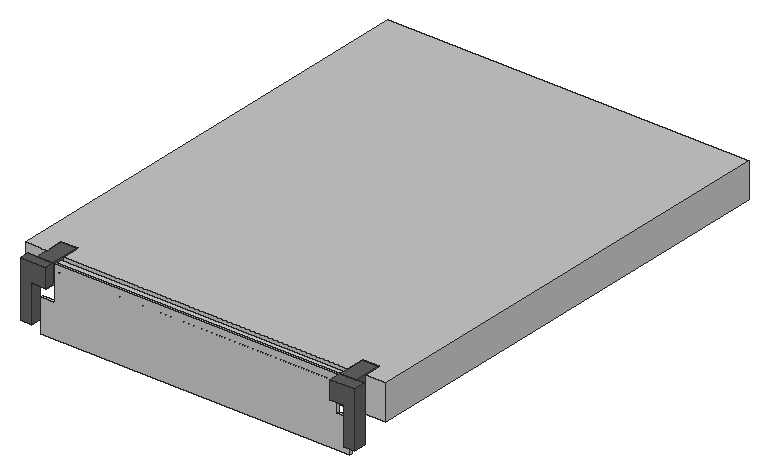
Revit family "Levelers_Kelley_Versadock", category Generic Models, host Floor, Revit 2026
Family settings
  Host = Floor
  Can host rebar = No
  Round Connector Dimension = Use Diameter
  Part Type = Normal
  Always vertical = Yes
  Cut with Voids When Loaded = No
  Maintain Annotation Orientation = No
  Shared = No
  Room Calculation Point = No
Parameters (values of type "129")
  Type Comments = ""
  PitLength = 11' - 3"
  PitDepthR = 2' - 7"
  PitDepthF = PitDepthR + 0' 1"  # 2' - 8"
  Model = "Versa Dock"
  Manufacturer = "Entrematic"
  LipExtension = 0' - 0"
  Description = "9' Wide, Integraterd Bumper Hydraulic Leveler"
  Default Elevation = 0' - 0"
  Curb = 0' - 3"
  Capacity = "50/60/80k"
Types (7): name | PitLength | PitDepthR | PitDepthF | LipExtension
  (no name) | 11' - 3" | 2' - 7" | 2' - 8" | 0' - 0"
  89 | 7' - 3" | 2' - 1" | 2' - 2" | 0' - 0"
  109 | 9' - 3" | 2' - 4" | 2' - 5" | 0' - 0"
  129 | 11' - 3" | 2' - 7" | 2' - 8" | 0' - 0"
  129 Barrier Lip | 11' - 3" | 2' - 7" | 2' - 8" | 0' - 5"
  89 Barrier Lip | 7' - 3" | 2' - 1" | 2' - 2" | 0' - 5"
  109 Barrier Lip | 9' - 3" | 2' - 4" | 2' - 5" | 0' - 5"
Reference planes (in)
  plane 1 "Center (Front/Back)": y = 0
  plane 2: z = 0
  plane 3 "Center (Left/Right)": x = 0
  plane 4 "Edge Of Dock": y = -60
  plane 5: y = 75
  plane 6: x = 54.5
  plane 7: x = -54.5
  plane 8: z = -32
  plane 9: z = -31
  plane 10: x = -53.625
  plane 11: x = 53.625
  plane 12: y = -54.625
  plane 13: x = -47.375
  plane 14: x = -42.375
  plane 15: x = 42.375
  plane 16: x = 47.375
  plane 17: z = -0.375
  plane 18: x = -42
  plane 19: x = 42
  plane 20: z = -20.0625
  plane 21: z = -10.375
  plane 22: x = -46.0625
  plane 23: x = 46.0625
  plane 24: y = -63
  plane 25: y = -66.625
  plane 26: y = -58.125
  plane 27: z = 0
  plane 28: y = -63.75
  plane 29: y = -61.5
  plane 30: z = -1.875
  plane 31: x = -49.875
  plane 32: x = 49.875
  plane 33: y = 78
  plane 34: x = -57.5
  plane 35: x = 57.5
  plane 36: y = -57
  plane 37: z = -35
  plane 38: z = -3
Forms (in)
  Extrusion 1, void
    sketch origin (0, 0, 0) x (0, 1, 0) y (0, 0, 1)
      loop
        line (-60, 0) -> (-60, -31.99884) -> (75, -31) -> (75, 0) -> (-60, 0)
    from -54.5 to 54.5
  Extrusion 2, solid, material "Serco Diamond"
    sketch origin (0, 0, 0) x (1, 0, 0) y (0, 1, 0)
      loop
        line (-53.625, 75) -> (-53.625, -60) -> (-47.375, -60) -> (-47.375, -54.625) -> (-42.375, -54.625) -> (-42.375, -60) -> (42.375, -60) -> (42.375, -54.625) -> (47.375, -54.625) -> (47.375, -60) -> (53.625, -60) -> (53.625, 75) -> (-53.625, 75)
    from -10.375 to 0
  Extrusion 3, solid, material "Serco Diamond"
    sketch origin (0, 0, 0) x (1, 0, 0) y (0, 0, 1)
      loop
        line (-42, 0) -> (-42, -10.375) -> (-46.0625, -10.375) -> (-46.0625, -20.0625) -> (46.0625, -20.0625) -> (46.0625, -10.375) -> (42, -10.375) -> (42, 0) -> (-42, 0)
    from 63 to 63.75
  Extrusion 4, solid, material "Bumper"
    sketch origin (0, 0, 0) x (1, 0, 0) y (0, 0, 1)
      loop
        line (42.375, 0) -> (42.375, -5.5) -> (46.375, -5.5) -> (46.375, -16.5) -> (49.875, -16.5) -> (49.875, 0) -> (42.375, 0)
    from 63 to 66.625
  Extrusion 5, solid, material "Serco"
    sketch origin (0, 0, 0) x (0, 1, 0) y (0, 0, 1)
      loop
        circle (-61.5, -1.875) r 1.5
    from -42 to 42
  Extrusion 6, solid, material "Bumper"
    sketch origin (0, 0, 0) x (1, 0, 0) y (0, 1, 0)
      loop
        line (42.375, -63) -> (47.375, -63) -> (47.375, -54.625) -> (42.375, -54.625) -> (42.375, -63)
    from 0 to -5.5
  Extrusion 7, solid, material "Bumper"
    sketch origin (0, 0, 0) x (-1, 0, 0) y (0, 0, -1)
      loop
        line (42.375, 0) -> (49.875, 0) -> (49.875, 16.5) -> (46.375, 16.5) -> (46.375, 5.5) -> (42.375, 5.5) -> (42.375, 0)
    from 63.75 to 66.625
  Extrusion 8, solid, material "Bumper"
    sketch origin (-1.875, 0.125, 0) x (-1, 0, 0) y (0, -1, 0)
      loop
        line (40.5, 63.875) -> (40.5, 54.75) -> (45.5, 54.75) -> (45.5, 63.875) -> (40.5, 63.875)
    from 0 to -5.5
Lines and regions (in)
  model lines
    curve 1: line (54.5, 75, 0) -> (54.5, -60, 0)
    curve 2: line (54.5, -57, 0) -> (60.5, -57, 0)
    curve 3: line (60.5, -60, 0) -> (54.5, -60, 0)
    curve 4: line (-54.5, -60, 0) -> (-60.5, -60, 0)
    curve 5: line (-60.5, -60, 0) -> (-60.5, -57, 0)
    curve 6: line (-60.5, -57, 0) -> (-54.5, -57, 0)
    curve 7: line (-57.5, -57, 0) -> (-57.5, 78, 0)
    curve 8: line (-57.5, 75, 0) -> (57.5, 75, 0)
    curve 9: line (57.5, 78, 0) -> (-57.5, 78, 0)
    curve 10: line (-54.5, 0, -32) -> (57.5, 0, -32)
    curve 11: line (-54.5, -60, 0) -> (-54.5, -60, -32)
    curve 12: line (-54.5, -60, -32) -> (54.5, -60, -32)
    curve 13: line (54.5, -60, -32) -> (54.5, -60, 0)
    curve 14: line (54.5, -60, 0) -> (60.5, -60, 0)
    curve 15: line (60.5, -60, 0) -> (60.5, -60, -3)
    curve 16: line (60.5, -60, -3) -> (54.5, -60, -3)
    curve 17: line (57.5, -60, -3) -> (57.5, -60, -35)
    curve 18: line (57.5, -60, -35) -> (-57.5, -60, -35)
    curve 19: line (-57.5, -60, -35) -> (-57.5, -60, -1.875)
    curve 20: line (-57.5, -60, -32) -> (57.5, -60, -32)
    curve 21: line (54.5, -60, 0) -> (54.5, -60, -32)
    curve 22: line (-54.5, -60, -1.875) -> (-60.5, -60, -1.875)
    curve 23: line (-60.5, -60, -1.875) -> (-60.5, -60, 0)
    curve 24: line (60.5, -57, 0) -> (60.5, -60, 0)
    curve 25: line (57.5, 78, 0) -> (57.5, -57, 0)
Dimensions and locks (in)
  equal spacing: host sketch curve, plane 1 "Center (Front/Back)", host sketch curve
  equal spacing: host sketch curve, plane 3 "Center (Left/Right)", host sketch curve
  host sketch curve to host sketch curve = 10' - 0"  (x2)
  equal spacing: plane 7, plane 3 "Center (Left/Right)", plane 6, locked at 54.5 each
  "PitLength": plane 5 to plane 4 "Edge Of Dock"
  "PitDepthF": level to plane 8
  "PitDepthR": level to plane 9
  locked: connector elem to level at 21  (x2)
  locked: connector elem to plane 5 at 9  (x2)
  locked: plane 7 to plane 6 at 109
  equal spacing: plane 10, plane 3 "Center (Left/Right)", plane 11, locked at 53.625 each
  locked: plane 10 to plane 11 at 107.25
  plane 10 to plane 13 to plane 14 = 0' - 6 1/4" locked, 0' - 5" locked
  plane 15 to plane 16 to plane 11 = 0' - 5" locked, 0' - 6 1/4" locked
  locked: plane 12 to plane 4 "Edge Of Dock" at 5.375
  equal spacing: plane 18, plane 3 "Center (Left/Right)", plane 19, locked at 42 each
  locked: plane 18 to plane 19 at 84
  locked: level to plane 20 at 20.0625
  equal spacing: plane 23, plane 3 "Center (Left/Right)", plane 22, locked at 46.0625 each
  locked: plane 23 to plane 22 at 92.125
  Extrusion 3 to plane 17 to plane 2 = 0' - 10" locked, 0' - 0 3/8" locked
  plane 25 to plane 26 to Extrusion 2 = 0' - 8 1/2" locked, 0' - 3 1/2" locked
  "LipExtension": plane 27 to level
  locked: plane 25 to Extrusion 2 at 6.625
  locked: plane 24 to plane 28 at 0.75
  locked: plane 4 "Edge Of Dock" to plane 24 at 3
  equal spacing: plane 24, plane 29, Extrusion 2, locked at 1.5 each
  locked: plane 17 to plane 30 at 1.5
  locked: plane 31 to Extrusion 8 at 2.5
  locked: Extrusion 6 to plane 32 at 2.5
  "Curb": plane 34 to plane 7
  "Curb": plane 35 to plane 6
  "Curb": plane 36 to plane 4 "Edge Of Dock"
  "Curb": plane 33 to plane 5
  "Curb": plane 8 to plane 37
  "Curb": level to plane 38
  locked: plane 27 to connector elem at 18
  diameter of Extrusion 5 sketch curve = 0' - 3"
  aligned and locked: level to plane 2
  aligned and locked: Extrusion 1 sketch curve to level
  aligned and locked: plane 4 "Edge Of Dock" to Extrusion 1 sketch curve
  aligned and locked: Extrusion 1 sketch curve to plane 5
  aligned and locked: plane 9 to Extrusion 1 sketch curve
  aligned and locked: Extrusion 1 to plane 7
  aligned and locked: Extrusion 1 to plane 6
  aligned and locked: plane 5 to Extrusion 2 sketch curve
  aligned and locked: Extrusion 2 sketch curve to plane 10
  aligned and locked: Extrusion 2 sketch curve to plane 11
  aligned and locked: Extrusion 2 sketch curve to plane 4 "Edge Of Dock"  (x2)
  aligned and locked: Extrusion 2 sketch curve to plane 12  (x2)
  aligned and locked: plane 15 to Extrusion 2 sketch curve
  aligned and locked: Extrusion 2 sketch curve to plane 16
  aligned and locked: plane 13 to Extrusion 2 sketch curve
  aligned and locked: Extrusion 2 sketch curve to plane 14
  aligned and locked: level to Extrusion 2
  aligned and locked: Extrusion 3 sketch curve to plane 18
  aligned and locked: plane 21 to Extrusion 3 sketch curve  (x2)
  aligned and locked: Extrusion 3 sketch curve to plane 22
  aligned and locked: Extrusion 3 sketch curve to plane 19
  aligned and locked: Extrusion 3 sketch curve to plane 20
  aligned and locked: Extrusion 3 sketch curve to plane 23
  aligned and locked: Extrusion 2 to plane 21
  aligned and locked: plane 30 to Extrusion 5 sketch curve
  aligned and locked: plane 29 to Extrusion 5 sketch curve
  aligned and locked: Extrusion 4 to plane 25
  aligned and locked: plane 18 to Extrusion 5
  aligned and locked: plane 27 to Extrusion 3
  aligned and locked: Extrusion 4 to Extrusion 3
  aligned and locked: Extrusion 6 sketch curve to Extrusion 4  (x2)
  aligned and locked: Extrusion 6 sketch curve to Extrusion 2  (x2)
  aligned and locked: Extrusion 4 to Extrusion 6
  aligned and locked: Extrusion 7 to Extrusion 8
  aligned and locked: Extrusion 8 to plane 13
  aligned and locked: plane 12 to Extrusion 8
  aligned and locked: plane 14 to Extrusion 8
  aligned and locked: Extrusion 7 to plane 14
  aligned and locked: Extrusion 7 to plane 25
  aligned and locked: plane 28 to Extrusion 7
  aligned and locked: Extrusion 4 to plane 32
  aligned and locked: Extrusion 7 to plane 31
  aligned and locked: Extrusion 2 to plane 11
  aligned and locked: plane 4 "Edge Of Dock" to curve 3
  aligned and locked: curve 2 to plane 36
  aligned and locked: curve 6 to plane 36
  aligned and locked: plane 4 "Edge Of Dock" to curve 4
  aligned and locked: plane 34 to curve 7
  aligned and locked: curve 8 to plane 5
  aligned and locked: plane 33 to curve 9
  aligned and locked: plane 37 to curve 18
  aligned and locked: plane 34 to curve 19
  aligned and locked: curve 20 to plane 8
  aligned and locked: curve 16 to plane 38
  aligned and locked: curve 14 to host floor
  aligned and locked: level to curve 4
  aligned and locked: plane 30 to curve 22
  aligned and locked: curve 25 to plane 35
  aligned and locked: Extrusion 3 to plane 28
  aligned and locked: Extrusion 2 to plane 4 "Edge Of Dock"
Automatic sketch dimensions
  plane 8 to Extrusion 1 sketch curve = 0' - 0.00116"
  Extrusion 2 sketch curve to plane 4 "Edge Of Dock" = 0' - 0"
  Extrusion 3 sketch curve to plane 27 = 0' - 0"
  Extrusion 4 sketch curve to level = 0' - 0"
  Extrusion 4 sketch curve to plane 15 = 0' - 0"
  plane 23 to Extrusion 4 sketch curve = 0' - 0 5/16"
  plane 16 to Extrusion 4 sketch curve = 0' - 2 1/2"
  Extrusion 4 sketch curve to plane 30 = 0' - 3 5/8"
  plane 20 to Extrusion 4 sketch curve = 0' - 3 9/16"
  Extrusion 7 sketch curve to level = 0' - 0"
  Extrusion 7 sketch curve to plane 14 = 0' - 0"
  plane 22 to Extrusion 7 sketch curve = 0' - 0 5/16"
  plane 13 to Extrusion 7 sketch curve = 0' - 2 1/2"
  plane 30 to Extrusion 7 sketch curve = 0' - 3 5/8"
  Extrusion 7 sketch curve to plane 20 = 0' - 3 9/16"
  Extrusion 8 sketch curve to plane 12 = 0' - 0"
  Extrusion 8 sketch curve to plane 14 = 0' - 0"
  plane 13 to Extrusion 8 sketch curve = 0' - 0"
  plane 24 to Extrusion 8 sketch curve = 0' - 0 3/4"
  curve 10 to plane 8 = 0' - 0"
  curve 10 to plane 7 = 0' - 0"
  curve 10 to plane 35 = 0' - 0"
  curve 17 to plane 35 = 0' - 0"
  curve 13 to plane 6 = 0' - 0"
  curve 11 to plane 7 = 0' - 0"
  curve 23 to level = 0' - 0"
  curve 13 to plane 8 = 0' - 0"
  curve 11 to level = 0' - 0"
  plane 35 to curve 15 = 0' - 3"
  curve 19 to curve 23 = 0' - 3"
  curve 6 to plane 7 = 0' - 0"
  curve 4 to plane 7 = 0' - 0"
  curve 1 to plane 6 = 0' - 0"
  curve 4 to plane 34 = 0' - 3"
  plane 35 to curve 24 = 0' - 3"
Connectors (in)
  electrical at (54.5, 66, -21)
    settings: on plane 6, index 1, voltage 0 V, apparent load 0 VA, apparent load phase1 0 VA, apparent load phase2 0 VA, apparent load phase3 0 VA, power factor 1, load classification "Other", number of poles 1, system type 31, power factor state 1, is connector primary yes, connector utility no, sub classification motor no, connector description ""
  electrical at (54.5, 66, -18)
    settings: on plane 6, index 2, voltage 0 V, apparent load 0 VA, apparent load phase1 0 VA, apparent load phase2 0 VA, apparent load phase3 0 VA, power factor 1, load classification "Other", number of poles 1, system type 31, power factor state 1, is connector primary no, connector utility no, sub classification motor no, connector description ""
